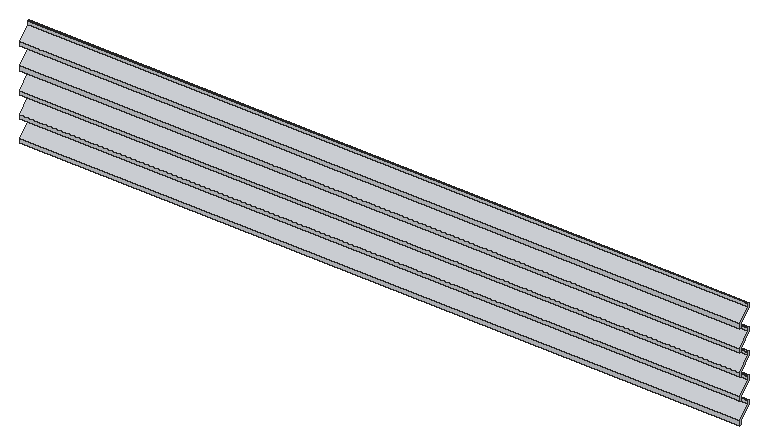
Revit family "test", category Curtain Panels, Revit 2017
Family settings
  OmniClass Number = 23.25.20.14.11.11.17
  OmniClass Title = Infill Panels
  Always vertical = Yes
  Cut with Voids When Loaded = No
  Shared = No
Parameters
  overlap = 3' - 1"
  Offset from Bottom = 0' - 4"
  O.C. Spacing of Louver = 0' - 4"
  Number of Louvers [instance] = 5
  Height (Reporting) [instance] = 9' - 0"
Reference planes (in)
  plane 1 "Front": y = 0
  plane 2: z = 0
  plane 3 "Center (Left/Right)": x = 0
  plane 4 "Left": x = -32.75106
  plane 5 "Right": x = 32.75106
  plane 6 "Top": z = 108
  plane 7: x = -69.75106
  plane 8: x = 69.75106
  plane 9: z = 4
  plane 10: z = 11.92505
  plane 11: z = 15.92505
  plane 12: z = 19.92505
  plane 13: z = 23.92505
  plane 14: z = 27.92505
Forms (in)
  Sweep 1, solid
    path origin (0, 0, 0) x (1, 0, 0) y (0, 0, 1)
      loop
        line (62.75106, 11.94068) -> (-69.75106, 11.94068)
    profile "Louver : Louver" origin (-3.5, 0, 11.94068) x (0, 0, -1) y (0, -1, 0)
      loop
        line (1.76563, 0.70312) -> (1.76563, 0.89062) -> (1.04688, 0.89062) -> (-1.04688, -0.89062) -> (-1.67188, -0.89062) -> (-1.67188, -0.76562) -> (-1.73438, -0.76562) -> (-1.73438, -0.95312) -> (-1.01563, -0.95312) -> (1.07813, 0.82813) -> (1.70312, 0.82813) -> (1.70312, 0.70312) -> (1.76563, 0.70312)
  Sweep 2, solid
    path origin (0, 0, 4) x (1, 0, 0) y (0, 0, 1)
      loop
        line (62.75106, 11.94068) -> (-69.75106, 11.94068)
    profile "Louver : Louver" origin (-3.5, 0, 15.94068) x (0, 0, -1) y (0, -1, 0)
      loop
        line (1.76563, 0.70312) -> (1.76563, 0.89062) -> (1.04688, 0.89062) -> (-1.04688, -0.89062) -> (-1.67188, -0.89062) -> (-1.67188, -0.76562) -> (-1.73438, -0.76562) -> (-1.73438, -0.95312) -> (-1.01563, -0.95312) -> (1.07813, 0.82813) -> (1.70312, 0.82813) -> (1.70312, 0.70312) -> (1.76563, 0.70312)
  Sweep 3, solid
    path origin (0, 0, 8) x (1, 0, 0) y (0, 0, 1)
      loop
        line (62.75106, 11.94068) -> (-69.75106, 11.94068)
    profile "Louver : Louver" origin (-3.5, 0, 19.94068) x (0, 0, -1) y (0, -1, 0)
      loop
        line (1.76563, 0.70312) -> (1.76563, 0.89062) -> (1.04688, 0.89062) -> (-1.04688, -0.89062) -> (-1.67188, -0.89062) -> (-1.67188, -0.76562) -> (-1.73438, -0.76562) -> (-1.73438, -0.95312) -> (-1.01563, -0.95312) -> (1.07813, 0.82813) -> (1.70312, 0.82813) -> (1.70312, 0.70312) -> (1.76563, 0.70312)
  Sweep 4, solid
    path origin (0, 0, 12) x (1, 0, 0) y (0, 0, 1)
      loop
        line (62.75106, 11.94068) -> (-69.75106, 11.94068)
    profile "Louver : Louver" origin (-3.5, 0, 23.94068) x (0, 0, -1) y (0, -1, 0)
      loop
        line (1.76563, 0.70312) -> (1.76563, 0.89062) -> (1.04688, 0.89062) -> (-1.04688, -0.89062) -> (-1.67188, -0.89062) -> (-1.67188, -0.76562) -> (-1.73438, -0.76562) -> (-1.73438, -0.95312) -> (-1.01563, -0.95312) -> (1.07813, 0.82813) -> (1.70312, 0.82813) -> (1.70312, 0.70312) -> (1.76563, 0.70312)
  Sweep 5, solid
    path origin (0, 0, 16) x (1, 0, 0) y (0, 0, 1)
      loop
        line (62.75106, 11.94068) -> (-69.75106, 11.94068)
    profile "Louver : Louver" origin (-3.5, 0, 27.94068) x (0, 0, -1) y (0, -1, 0)
      loop
        line (1.76563, 0.70312) -> (1.76563, 0.89062) -> (1.04688, 0.89062) -> (-1.04688, -0.89062) -> (-1.67188, -0.89062) -> (-1.67188, -0.76562) -> (-1.73438, -0.76562) -> (-1.73438, -0.95312) -> (-1.01563, -0.95312) -> (1.07813, 0.82813) -> (1.70312, 0.82813) -> (1.70312, 0.70312) -> (1.76563, 0.70312)
Text (in)
  text "Exterior" at (-54.29358, 31.38743, 0), in view "Ref. Level"
  text "Exterior" at (480, 41.53993, 89.60405), in view "Right"
  text "Exterior" at (-240, 57.82419, 105.78864), in view "Left"
Dimensions and locks (in)
  equal spacing: plane 4 "Left", plane 3 "Center (Left/Right)", plane 5 "Right"
  "overlap": plane 7 to plane 4 "Left"
  "overlap": plane 5 "Right" to plane 8
  "Offset from Bottom": plane 2 to plane 9
  "Height (Reporting)": plane 2 to plane 6 "Top"
  equal spacing: group 1, group 2, group 3, group 4, group 5  (x3)
  "O.C. Spacing of Louver": plane 10 to plane 11
  aligned and locked: level to plane 2
Automatic sketch dimensions
  plane 10 to Sweep 1 sketch curve = 0' - 0 1/64"
  Sweep 1 sketch curve to Sweep 1 sketch curve = 11' - 0.50212"
  plane 11 to Sweep 2 sketch curve = 0' - 0 1/64"
  Sweep 2 sketch curve to Sweep 2 sketch curve = 11' - 0.50212"
  plane 12 to Sweep 3 sketch curve = 0' - 0 1/64"
  Sweep 3 sketch curve to Sweep 3 sketch curve = 11' - 0.50212"
  plane 13 to Sweep 4 sketch curve = 0' - 0 1/64"
  Sweep 4 sketch curve to Sweep 4 sketch curve = 11' - 0.50212"
  plane 14 to Sweep 5 sketch curve = 0' - 0 1/64"
  Sweep 5 sketch curve to Sweep 5 sketch curve = 11' - 0.50212"
